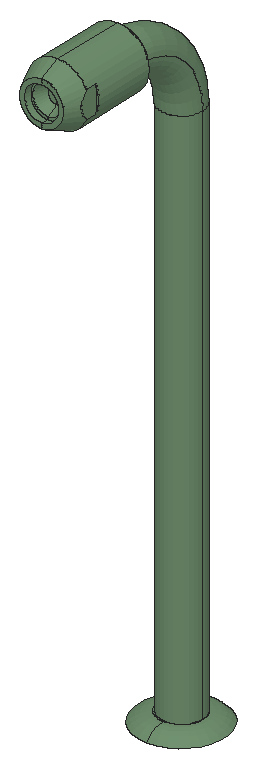
Revit family "PRD_FrankeWS_ShwrHds_EmergencyShowerhead_FAID0002", category Plumbing Fixtures, host Face, Revit 2018
Family settings
  Host = Face
  Round Connector Dimension = Use Diameter
  Part Type = Normal
  OmniClass Number = 23.45.05.14.99
  OmniClass Title = Other Sanitary Washing Plumbing Fixtures
  Cut with Voids When Loaded = Yes
  Shared = Yes
  Room Calculation Point = No
Parameters (values of type "FAID0002")
  WarrantyStartDate [instance] = "1900-12-31T23:59:59"
  WarrantyGuarantorParts = "n/a"
  WarrantyGuarantorLabor = "n/a"
  WarrantyDurationUnit = "year"
  WarrantyDurationParts = "n/a"
  WarrantyDurationLabor = "n/a"
  WarrantyDescription = "n/a"
  VolumeFlowRate = "1.83 l/s at 3 bar"
  Version = "1"
  Uniclass2015Version = "Products v1.17"
  Uniclass2015Title = "Shower heads"
  Uniclass2015Code = "Pr_40_20_87_76"
  URL = "www.kwc.com"
  TypeOfFitting = "Wall installation"
  Type = "Emergency shower head offsetwall"
  TagNumber [instance] = "n/a"
  SustainabilityPerformance = "n/a"
  SpoutProjection = "400.00 mm"
  Size = "55 x 138 x 420 mm (W x H x D)"
  ShowerType = "Individual"
  ShowerHeadDescription = "Emergency shower head"
  Shape = "n/a"
  SerialNumber [instance] = "n/a"
  Revision = "n/a"
  ReplacementCost = "n/a"
  ProductInformation = "https://pim.kwc.com/product/2030018821/attachment/datasheet?locale=en"
  NominalWidth = 55.00 mm
  NominalHeight = 138.00 mm
  NominalDepth = 420.00 mm
  NetWeight = 0.97 kg
  Name = "Emergency Showerhead FAID0002"
  NBSTypeID = "n/a"
  NBSReference = "45-35-70/333"
  NBSOfficeMasterTag = "n/a"
  NBSNote = "n/a"
  NBSDescription = "Shower heads"
  NBSCertification = "n/a"
  ModelReference = "FAID0002"
  ModelNumber = "2030018821"
  Model = ModelReference  # "FAID0002"
  Material = "brass"
  ManufacturerURL = "www.kwc.com"
  ManufacturerName = "KWC Group AG"  # constant formula
  Manufacturer = ManufacturerName  # "KWC Group AG"
  IntegralAccessories = "n/a"
  InstallationDate [instance] = "1900-12-31T23:59:59"
  InletSize = "DN-20-3-4INH"
  IfcExportType = "SHOWER"
  IfcExportAs = "IfcSanitaryTerminalType"
  HasTray = "FALSE"
  GrossWeight = 1.00 kg
  Grade = "n/a"
  FittingMaterial = PRD_AR_Brass_EPSCoated_Green
  Finish = "EPS coated"
  Features = "DN 20 with wall bracket and rosette, self-draining"
  ExpectedLife = "n/a"
  DurationUnit = "year"
  DrainSize = 20.00 mm
  DiameterNominal = 20.00 mm
  Description = "Emergency shower head DN 20 with wall bracket and rosette, self-draining, green EPS coated brass (RAL 6032). Complies with EN 15154, Part 1. Volumetric flow rate approx. 65 l/min at 1 bar pressure, volumetric flow rate approx. 110 l/min at 3 bar pressure."
  Default Elevation = 925.00 mm
  CreatedOn = "03/2021"  # constant formula
  Constituents = "n/a"
  Color = "green"
  CodePerformance = "n/a"
  Category = "Pr_40_20_87_76, Shower heads"
  BarCode [instance] = "n/a"
  BIMObjectName = "PRD_AR_ShowerHeads_EmergencyShowerhead_FAID0002"
  Author = "Archispace"  # constant formula
  AssetType = "Fixed"
  AssetIdentifier [instance] = "n/a"
  AccessibilityPerformance = "n/a"
Reference planes
  plane 1 "Center (Front/Back)": y = 0
  plane 2: z = 0
  plane 3 "Center (Left/Right)": x = 0
Forms (mm)
  Extrusion 1, solid, not visible
    sketch origin (0, 0, 0) x (1, 0, 0) y (0, 1, 0)
      loop
        circle (0, 0) r 2
    from 0 to 1
  Sweep 2, solid, material "PRD_AR_Brass_EPSCoated_Green" <- "FittingMaterial", detail levels medium+fine
    path origin (0, 0, 0) x (0, 1, 0) y (0, 0, 1)
      loop
        line (0, 6) -> (0, 352)
        arc (0, 352) -> (-14.059, 385.941) -> (-48, 400) r 48
    profile origin (0, 0, 179) x (0, -1, 0) y (1, 0, 0)
      loop
        circle (0, 0) r 13.5
  Revolve 3, solid, material "PRD_AR_Brass_EPSCoated_Green" <- "FittingMaterial", detail levels fine
    sketch origin (0, 0, 0) x (0, 1, 0) y (0, 0, 1)
      loop
        line (0, 6) -> (-14.259, 6)
        arc (-14.259, 6) -> (-21.528, 4.43) -> (-27.5, 0) r 17.61
        line (-27.5, 0) -> (0, 0) -> (0, 6)
      axis (0, 6) -> (0, 0)
    angle from 0 to 360
  Revolve 4, solid, material "PRD_AR_Brass_EPSCoated_Green" <- "FittingMaterial", detail levels medium+fine
    sketch origin (0, 0, 0) x (0, 1, 0) y (0, 0, 1)
      loop
        line (-110.8, 389) -> (-110.8, 386) -> (-97.933, 380) -> (-50.9, 380) -> (-48.9, 382) -> (-48.9, 386.5) -> (-48, 386.5) -> (-48, 400) -> (-98.6, 400) -> (-98.6, 393.75) -> (-106.3, 390.542) -> (-106.3, 389) -> (-110.8, 389)
      axis (-48, 400) -> (-110.8, 400)
    angle from 0 to 360
  Extrusion 5, void
    sketch origin (0, 0, 0) x (1, 0, 0) y (0, 0, 1)
      loop
        line (-18, 429.585) -> (-28, 429.585) -> (-28, 377.355) -> (-18, 377.355) -> (-18, 429.585)
      loop
        line (18, 429.585) -> (18, 377.355) -> (30.947, 377.355) -> (30.947, 429.585) -> (18, 429.585)
    from 90.8 to 110.8
  Revolve 6, solid, material "PRD_AR_Brass_EPSCoated_Green" <- "FittingMaterial", detail levels medium
    sketch origin (0, 0, 0) x (0, 1, 0) y (0, 0, 1)
      loop
        line (-110.8, 400) -> (-110.8, 380) -> (-48, 380) -> (-48, 400) -> (-110.8, 400)
      axis (-48, 400) -> (-110.8, 400)
    angle from 0 to 360
  Revolve 7, solid, material "PRD_AR_Brass_EPSCoated_Green" <- "FittingMaterial", detail levels medium
    sketch origin (0, 0, 0) x (0, 1, 0) y (0, 0, 1)
      loop
        line (0, 6) -> (-27.5, 6) -> (-27.5, 0) -> (0, 0) -> (0, 6)
      axis (0, 6) -> (0, 0)
    angle from 0 to 360
  Extrusion 8, solid, material "PRD_AR_Brass_EPSCoated_Green" <- "FittingMaterial", detail levels coarse
    sketch origin (0, 0, 0) x (0, 1, 0) y (0, 0, 1)
      loop
        line (13.5, 0) -> (13.5, 420) -> (-110.8, 420) -> (-110.8, 0) -> (13.5, 0)
    from -20 to 20
Cuts and joins
  Extrusion 5 cuts Revolve 4
  joined: Sweep 2, Revolve 4
Dimensions and locks
  aligned and locked: plane 2 to host face
  aligned and locked: level to host face
Connectors
  piping at (0, 0, 0), diameter 20, driven by "DiameterNominal"
    settings: on Extrusion 1, index 1, connector inside diameter 609.60 mm, connector length 0.00 mm, flow factor 0, pipe flow 0.0 L/s, pressure drop 0.0 Pa, fitting loss kfactor 0, connector angle 0.00°, fixture units 0, engagement length 0.00 mm, angle of deflection 0.00°, flow configuration 0, flow direction 1, fitting loss method 0, system type 7, joint type 0, gender type 0, connector reference index -1, connector utility 0, adjustable connector no, is connector primary yes, connector description ""
